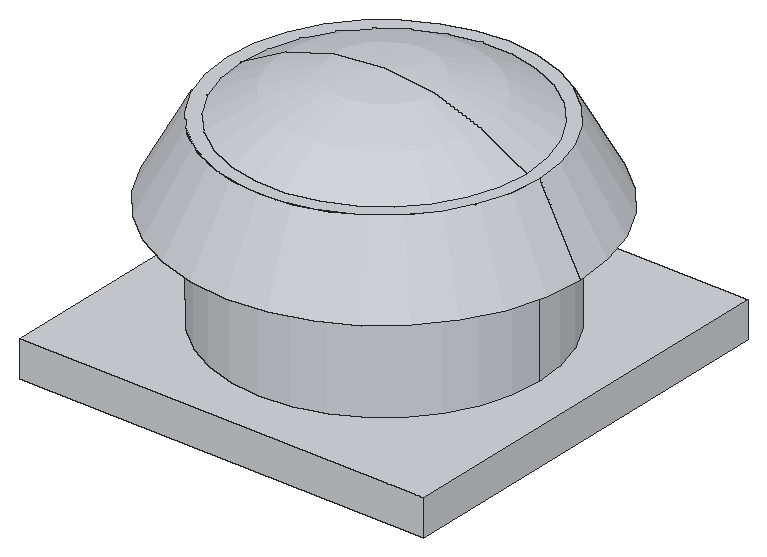
Revit family "BVN_BRF", category Mechanical Equipment, host Face, Revit 2019
Family settings
  Host = Face
  Round Connector Dimension = Use Diameter
  Part Type = Normal
  Cut with Voids When Loaded = No
  Shared = No
  Room Calculation Point = No
Parameters (values of type "BRF 315")
  h(Tepe) = C - h_Koni  # 50 mm
  Weight = 12.80 kg
  URL = "http://www.bahcivanmotor.com.tr/index.php"
  Speed(d/d) = 1650
  Sound Pressure Level dB(A) = 47
  Protection Class = 44
  Power = 155 W
  h_Koni = 85 mm
  Voltage = 230 V
  Tepe(Cap) = 600 mm
  Tepe Genislik = 160 mm
  Q(Alt) = 350 mm
  Model = "BRF"
  Material = none
  Manufacturer = "Bahçıvan Elektrik Motor San. ve Tic. Ltd. Şti."
  Insulation Class = "F"
  G = 40 mm
  Frequency = 50 Hz
  F = 185 mm
  Description = "Roof Fan"
  Default Elevation = 1219.2 mm
  D-C = D - C  # 158 mm
  D = 293 mm
  Current = 0.72 A
  Capacitor (mF) = 3
  C = 135 mm
  B' = 350 mm
  B = 443 mm
  Air Flow = 2315.0 m³/h
  A = 454 mm
Types (10, lengths in mm): name | h(Tepe) | Weight | Speed(d/d) | Sound Pressure Level dB(A) | Power | h_Koni | Voltage | Tepe(Cap) | Tepe Genislik | Q(Alt) | Insulation Class | G | F | D-C | D | Current | Capacitor (mF) | C | B' | B | Air Flow | A
  BRF 400 | 65 | 22.00 kg | 1560 | 51 | 460 W | 80 | 230 V | 600 | 230 | 520 | "F" | 40 | 270 | 210 | 355 | 2.27 A | 10 | 145 | 520 | 685 | 4600.0 m³/h | 595
  BRF 160 | 20 | 3.50 kg | 3000 | 44 | 60 W | 30 | 230 V | 200 | 80 | 200 | "B" | 25 | 80 | 90 | 140 | 0.3 A | 2 | 50 | 190 | 260 | 400.0 m³/h | 252
  BRF 180 | 20 | 3.70 kg | 2750 | 49 | 90 W | 30 | 230 V | 200 | 80 | 200 | "B" | 25 | 80 | 90 | 140 | 0.43 A | 2.5 | 50 | 190 | 260 | 500.0 m³/h | 252
  BRF 225 | 45 | 7.00 kg | 3100 | 50 | 100 W | 60 | 230 V | 500 | 140 | 280 | "B" | 35 | 146 | 107 | 212 | 0.5 A | 3 | 105 | 300 | 386 | 1020.0 m³/h | 336
  BRF 250 | 40 | 8.00 kg | 3180 | 52 | 175 W | 65 | 230 V | 500 | 140 | 300 | "B" | 35 | 163 | 120 | 225 | 0.91 A | 6 | 105 | 300 | 386 | 1375.0 m³/h | 370
  BRF 315 | 50 | 12.80 kg | 1650 | 47 | 155 W | 85 | 230 V | 600 | 160 | 350 | "F" | 40 | 185 | 158 | 293 | 0.72 A | 3 | 135 | 350 | 443 | 2315.0 m³/h | 454
  BRF 355 | 65 | 18.00 kg | 1680 | 46 | 245 W | 70 | 230 V | 600 | 200 | 450 | "F" | 40 | 234 | 150 | 285 | 1.05 A | 6 | 135 | 450 | 595 | 3500.0 m³/h | 595
  BRF 450 | 65 | 28.00 kg | 1525 | 52 | 655 W | 80 | 230 V | 600 | 250 | 560 | "F" | 40 | 282 | 255 | 400 | 3.2 A | 10 | 145 | 560 | 685 | 6000.0 m³/h | 664
  BRF 500 | 75 | 45.50 kg | 1360 | 54 | 840 W | 80 | 380 V | 600 | 320 | 720 | "F" | 40 | 320 | 230 | 385 | 1.95 A | 0 | 155 | 720 | 824 | 7600.0 m³/h | 798
  BRF 560 | 75 | 48.00 kg | 1300 | 66 | 1440 W | 80 | 380 V | 600 | 320 | 720 | "F" | 40 | 320 | 245 | 400 | 2.8 A | 0 | 155 | 720 | 824 | 9800.0 m³/h | 798
Reference planes
  plane 1 "Center (Front/Back)": y = 0
  plane 2: z = 0
  plane 3 "Center (Left/Right)": x = 0
  plane 4: x = -227
  plane 5: y = 227
  plane 6: x = 227
  plane 7: y = -227
Forms (mm)
  Extrusion 1, solid, material <- "Material"
    sketch origin (0, 0, 0) x (1, 0, 0) y (0, 1, 0)
      loop
        line (-227, 227) -> (-227, -227) -> (227, -227) -> (227, 227) -> (-227, 227)
    from 0 to 40 <- "G"
  Extrusion 2, solid, material <- "Material"
    sketch origin (0, 0, 0) x (1, 0, 0) y (0, 1, 0)
      loop
        circle (0, 0) r 175
    from 0 to 158 <- "D-C"
  Blend 3, solid, material <- "Material"
    base sketch origin (0, 0, 158) x (1, 0, 0) y (0, 1, 0)
      loop
        circle (0, 0) r 221.5
    top sketch origin (0, 0, 158) x (1, 0, 0) y (0, 1, 0)
      loop
        circle (0, 0) r 175
    from 0 to 85 <- "h_Koni"
  Revolve 4, solid, material <- "Material"
    sketch origin (0, 0, 0) x (1, 0, 0) y (0, 0, 1)
      loop
        line (0, 243) -> (160, 243)
        arc (160, 243) -> (83.815, 280.209) -> (0, 293) r 281
        line (0, 293) -> (0, 243)
      axis (0, 293) -> (0, 243)
    angle from 0 to 360
Dimensions and locks
  equal spacing: plane 4, plane 3 "Center (Left/Right)", plane 6
  equal spacing: plane 5, plane 1 "Center (Front/Back)", plane 7
  "A": plane 5 to plane 7
  "A": plane 4 to plane 6
  equal spacing: plane 4, Extrusion 2 sketch curve, plane 6
  equal spacing: plane 5, Extrusion 2 sketch curve, plane 7
  "Tepe Genislik": Revolve 4 sketch curve to plane 3 "Center (Left/Right)"
  "h(Tepe)": Revolve 4 sketch curve to Blend 3
  "Q(Alt)": diameter of Extrusion 2 sketch curve
  "B": diameter of Blend 3 sketch curve
  "B'": diameter of Blend 3 sketch curve
  aligned and locked: plane 2 to host face
  aligned and locked: level to host face
  aligned and locked: Extrusion 1 sketch curve to plane 6
  aligned and locked: Extrusion 1 sketch curve to plane 5
  aligned and locked: plane 4 to Extrusion 1 sketch curve
  aligned and locked: plane 7 to Extrusion 1 sketch curve
  aligned and locked: Revolve 4 sketch curve to Blend 3
  aligned and locked: plane 3 "Center (Left/Right)" to Revolve 4 sketch curve  (x2)
  aligned and locked: Blend 3 to Revolve 4 sketch curve
Automatic sketch dimensions
  host sketch curve to host sketch curve = 2438.4 mm  (x2)
  Revolve 4 sketch curve to plane 3 "Center (Left/Right)" = 0 mm
  Revolve 4 sketch curve to Revolve 4 sketch curve = 0.982 mm
  Revolve 4 sketch curve to Revolve 4 sketch curve = 115.693 mm
Connectors
  hvac at (0, 0, 0), driven by "F"
    settings: on Extrusion 1, index 1, duct flow 0.0 m³/h, flow factor 0, pres drop 0.0 Pa, loss coef 0, conn angle 0.00°, conn width 304.8 mm, conn height 304.8 mm, conn diameter 185 mm, duct sys type 1, conn prof type 0, flow config 0, flow direction 0, loss method 0, conn ref index -1, conn util no, is conn primary yes, conn desc ""
  electrical at (227, 0, 20)
    settings: on Extrusion 1, index 2, voltage 0 V, apparent load 0 VA, apparent load phase1 0 VA, apparent load phase2 0 VA, apparent load phase3 0 VA, power factor 1, load classification "Other", number of poles 1, system type 14, power factor state 1, is connector primary yes, connector utility no, sub classification motor no, connector description ""
